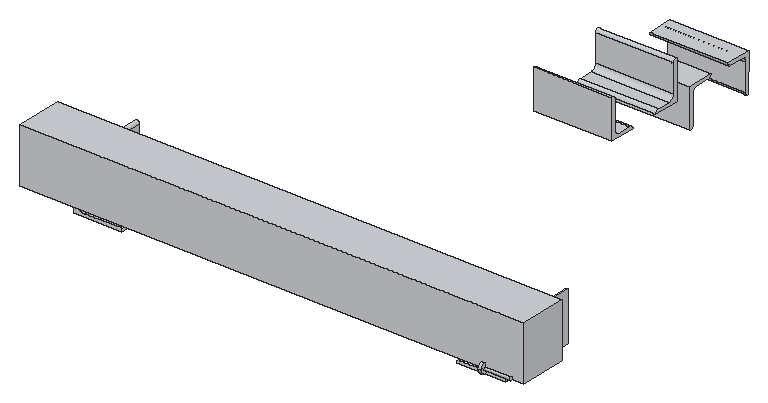
Revit family "AVLN_Набор перемычек", category Обобщенные модели, Revit 2021
Family settings
  Основа = Стена
  Может служить основой для арматурных стержней = Нет
  Размер круглого соединителя = Использовать диаметр
  Тип детали = Нормальный
  Всегда вертикально = Да
  При загрузке вырезать с полостями = Нет
  Общий = Да
  Точка принадлежности помещению = Нет
Parameters (values of type "!_Для копирования")
  Элемент 9(3) = Перемычки - Пластина (ГОСТ 103-76) : 80х6, L=250
  Элемент 8(2)_Материал = none
  Элемент 8(2) = Перемычки - Уголок (ГОСТ 8509-93)(Поворот.Зеркальный) : 125х8, L=200(Пов. 180)
  Элемент 9(3)_Материал = none
  Элемент 6(1)_Материал = none
  Элемент 6(1) = Перемычки - Уголок (ГОСТ 8509-93) : 125х8, L=200
  Элемент 5(1)_Материал = none
  Элемент 5(1) = Перемычки - Арматура (ГОСТ 34028-2016) : АIII ∅16, L=1110
  Элемент 4(1)_Материал = none
  Элемент 4(1) = Перемычки ЖБ : 4ПБ48-8-П *4380
  Элемент 3(1)_Материал = none
  Элемент 3(1) = Перемычки ЖБ : 2ПБ10-1-П *830
  Элемент 2(1)_Материал = none
  Элемент 2(1) = Перемычки ЖБ : 2ПБ13-1-П *1090
  Элемент 1(1)_Материал = none
  Элемент 1(1) = Перемычки ЖБ : 2ПБ13-1-П *1090
  Ширина проема Элементы8(2)_9(3) = 1090 mm
  Элементы соединительные(3) = no
  Элементы горизонтальные(1) = yes
  Шаг анкера = 150 mm
  Стена_толщина = 300 mm
  Полка_правая = 0 mm
  Полка_левая = 0 mm
  Отступ анкера = 50 mm
  Отметка по умолчанию = 0 mm
  Область маскировки = yes
  Type Comments = ""
  Количество анкеров на уголок = 2
  Горизонтальное смещение Элемент1-6(1) = (Полка_правая - Полка_левая) / 2  # 0 mm
  Расчетное расстояние от произвольной плоскости = Расстояние от вспомогательной плоскости + [Горизонтальное смещение Элемент1-6(1)]  # 2500 mm
  Расстояние от вспомогательной плоскости = 2500 mm  # constant formula
  Соединительные Привязка_Элемент 9(3) = ([Ширина проема Элементы8(2)_9(3)] - ([Количество соединительные Элементы 9(3)] - 1) * [Шаг соединительные Элементы 9(3)]) / 2  # 295 mm
  Количество соединительные Элементы 9(3) = 2
  Шаг соединительные Элементы 9(3) = 500 mm
  Высота Элемент 8(2) = -2.6 mm
  Элементы крепления(2) = yes
  Отступ Элемент 8(2) = 105 mm
  Высота Элемент 9(3) = 0 mm
  Высота Элемент 6(1) = 0 mm
  Элемент 6(1)_Видимость = if(and([Элементы горизонтальные(1)]), Количество горизонтальных элементов > 5, Видимость_not)  # no
  Высота Элемент 5(1) = 0 mm
  Элемент 5(1)_Видимость = if(and([Элементы горизонтальные(1)]), Количество горизонтальных элементов > 4, Видимость_not)  # no
  Высота Элемент 4(1) = 0 mm
  Элемент 4(1)_Видимость = if(and([Элементы горизонтальные(1)]), Количество горизонтальных элементов > 3, Видимость_not)  # no
  Высота Элемент 3(1) = 0 mm
  Элемент 3(1)_Видимость = if(and([Элементы горизонтальные(1)]), Количество горизонтальных элементов > 2, Видимость_not)  # no
  Высота Элемент 2(1) = 0 mm
  Элемент 2(1)_Видимость = if(and([Элементы горизонтальные(1)]), Количество горизонтальных элементов > 1, Видимость_not)  # no
  Высота Элемент 1(1) = 50 mm
  Отступ от 5 до 6 = 140 mm
  Отступ от 4 до 5 = 130 mm
  Отступ от 3 до 4 = 146.078 mm
  Отступ от 2 до 3 = 165 mm
  Отступ от 1 до 2 = 125 mm
  Отступ до Элемент 1 = 50 mm
  Область видимости_По высоте вниз [instance] = 1200 mm
  Крепление_Справа_Видимость = if(and([Элементы крепления(2)], [Крепление_Справа(2)]), [Видимость Элемент 8(2)], Видимость_not)  # yes
  Крепление_Справа(2) = yes
  Крепление_Слева_Видимость = if(and([Элементы крепления(2)], [Крепление_Слева(2)]), [Видимость Элемент 8(2)], Видимость_not)  # yes
  Крепление_Слева(2) = yes
  Количество горизонтальных элементов = 1
  Группа модели = "Перемычки"  # constant formula
  Высота Анкер = 50 mm
  Видимость Элемент 8(2) = Видимость_Определение = 1 mm  # yes
  Видимость_Определение = 1 mm  # constant formula
  Видимость_not = Видимость_Определение = 2 mm  # no
  Анкер_справа_2_видимость = and(Анкер справа, Количество анкеров на уголок > 1)  # yes
  Анкер_справа_1_видимость = and(Анкер справа, Количество анкеров на уголок > 0)  # yes
  Анкер_слева_2_видимость = and(Анкер слева, Количество анкеров на уголок > 1)  # no
  Анкер_слева_1_видимость = and(Анкер слева, Количество анкеров на уголок > 0)  # no
  Анкер_слева_3_видимость = and(Анкер слева, Количество анкеров на уголок > 2)  # no
  Анкер_справа_3_Видимость = and(Анкер справа, Количество анкеров на уголок > 2)  # no
  Анкер справа = yes
  Анкер слева = no
Reference planes
  plane 1 "Стена": y = 0
  plane 2 "По центру (Влево/Вправо)": x = 125
  plane 3 "Назад": y = 150
  plane 4: z = 0
  plane 5: y = -150
  plane 6: y = -100
  plane 7: y = 25
  plane 8: y = 190
  plane 9: y = 336.078
  plane 10: y = 466.078
  plane 11: y = 606.078
  plane 12: x = 670
  plane 13: x = -420
  plane 14: y = 360
  plane 15: x = -2375
  plane 16 "Анкер1": y = -100
  plane 17 "Анкер2": y = 50
  plane 18: x = 670
  plane 19: x = -420
  plane 20 "нкер3": y = 200
Lines and regions (mm)
  model lines, style "InvisibleLines"
    curve 1: line (125, 0, 0) -> (125, 0, -1200)
Text (mm)
  text "Сторона размещения" at (-2895.44, 3293.409, 0), in view "Опорный уровень"
  text "Сторона размещения" at (0, 1409.804, 2854.306), in view "Слева"
  text "Сторона размещения" at (0, 499.811, 2980.732), in view "Справа"
Dimensions and locks
  plane 3 "Назад" to plane 3 "Назад" = 0 mm
  "Отступ до Элемент 1": plane 6 to plane 5
  "Отступ от 1 до 2": plane 7 to plane 6
  "Отступ от 2 до 3": plane 8 to plane 7
  "Отступ от 3 до 4": plane 9 to plane 8
  "Отступ от 4 до 5": plane 10 to plane 9
  equal spacing: plane 13, plane 2 "По центру (Влево/Вправо)", plane 12
  "Ширина проема Элементы8(2)_9(3)": plane 13 to plane 12
  plane 13 to plane 12 = 1090 mm
  "Отступ Элемент 8(2)": nested 9 to plane 5
  "Отступ Элемент 8(2)": nested 8 to plane 5
  "Расстояние от вспомогательной плоскости": plane 15 to plane 2 "По центру (Влево/Вправо)"
  "Расчетное расстояние от произвольной плоскости": plane 15 to nested 2
  "Расчетное расстояние от произвольной плоскости": plane 15 to nested 3
  "Расчетное расстояние от произвольной плоскости": plane 15 to nested 4
  "Расчетное расстояние от произвольной плоскости": plane 15 to nested 7
  "Расчетное расстояние от произвольной плоскости": plane 15 to nested 5
  "Расчетное расстояние от произвольной плоскости": plane 15 to nested 6
  "Область видимости_По высоте вниз": level to curve 1
  "Область видимости_По высоте вниз": curve 1 to level
  "Соединительные Привязка_Элемент 9(3)": plane 13 to nested 10
  group 1 to group 2 = 500 mm
  group 2 to group 1 = 0 mm
  group 1 to group 2 = 0 mm
  "Шаг соединительные Элементы 9(3)": nested 10 to nested 11
  plane 5 to nested 1 to plane 3 "Назад" = 150 mm, 150 mm
  plane 6 to plane 5 = 50 mm
  "Отступ анкера": plane 16 "Анкер1" to plane 5
  "Шаг анкера": plane 17 "Анкер2" to plane 16 "Анкер1"
  "Отступ от 5 до 6": plane 10 to plane 11
  plane 2 "По центру (Влево/Вправо)" to nested 2 = 0 mm
  "Полка_правая": plane 18 to plane 12
  "Полка_левая": plane 19 to plane 13
  "Шаг анкера": plane 17 "Анкер2" to plane 20 "нкер3"
  aligned and locked: plane 1 "Стена" to host wall
  aligned and locked: level to plane 4
  aligned and locked: host wall to plane 5
  aligned and locked: curve 1 to host wall
  aligned and locked: plane 6 to nested 2
  aligned and locked: nested 3 to plane 7
  aligned and locked: nested 4 to plane 8
  aligned and locked: nested 5 to plane 10
  aligned and locked: nested 6 to plane 11
  aligned and locked: nested 7 to plane 9
  aligned and locked: plane 2 "По центру (Влево/Вправо)" to nested 1
  aligned and locked: nested 11 to plane 6
  aligned and locked: nested 10 to plane 6
  aligned and locked: plane 17 "Анкер2" to nested 12
  aligned and locked: plane 16 "Анкер1" to nested 14
  aligned and locked: nested 13 to plane 17 "Анкер2"
  aligned and locked: nested 15 to plane 16 "Анкер1"
  aligned and locked: nested 1 to host wall
  aligned and locked: plane 18 to nested 8
  aligned and locked: plane 18 to nested 12
  aligned and locked: plane 18 to nested 14
  aligned and locked: plane 19 to nested 9
  aligned and locked: nested 13 to plane 19
  aligned and locked: nested 15 to plane 19
  aligned and locked: nested 16 to plane 20 "нкер3"
  aligned and locked: nested 17 to plane 19
  aligned and locked: plane 18 to nested 16
  aligned and locked: plane 20 "нкер3" to nested 17
Automatic sketch dimensions
  plane 2 "По центру (Влево/Вправо)" to curve 1 = 0 mm
  curve 1 to level = 0 mm
Nested families
  nested 1: "Прозрачный прямоугольник - Элементы узлов" at (125, -150, 0), b <- "Ширина проема Элементы8(2)_9(3)", visible <- "Область маскировки", Полка_левая <- "Полка_левая", Полка_правая <- "Полка_правая", a <- "Стена_толщина", ADSK_Обозначение <- "Type Comments", type "Прозрачный прямоугольник - Элементы узлов"
    with Полка_правая 0 mm, Полка_левая 0 mm, b 1090 mm, a 300 mm
  nested 2: "Перемычки ЖБ" at (125, 20, 50), type <- "Элемент 1(1)", built-in parameter 1001364 <- "Высота Элемент 1(1)", Structural Material <- "Элемент 1(1)_Материал", visible <- "Элементы горизонтальные(1)", ADSK_Обозначение <- "Type Comments", type "2ПБ13-1-П *1090"
  nested 3: "Перемычки ЖБ" at (125, 145, 0), type <- "Элемент 2(1)", built-in parameter 1001364 <- "Высота Элемент 2(1)", visible <- "Элемент 2(1)_Видимость", Structural Material <- "Элемент 2(1)_Материал", ADSK_Обозначение <- "Type Comments", type "2ПБ13-1-П *1090"
  nested 4: "Перемычки ЖБ" at (125, 310, 0), type <- "Элемент 3(1)", built-in parameter 1001364 <- "Высота Элемент 3(1)", visible <- "Элемент 3(1)_Видимость", Structural Material <- "Элемент 3(1)_Материал", ADSK_Обозначение <- "Type Comments", type "2ПБ10-1-П *830"
  nested 5: "Перемычки - Арматура (ГОСТ 34028-2016)" at (125, 474.078, 0), built-in parameter 1001364 <- "Высота Элемент 5(1)", visible <- "Элемент 5(1)_Видимость", type <- "Элемент 5(1)", Structural Material <- "Элемент 5(1)_Материал", ADSK_Обозначение <- "Type Comments", type "АIII ∅16, L=1110"
    with Область маскировки yes, q 13.6 mm, k 17.109 mm, ADSK_Обозначение ""
  nested 6: "Перемычки - Уголок (ГОСТ 8509-93)" at (125, 613.878, 0), type <- "Элемент 6(1)", built-in parameter 1001364 <- "Высота Элемент 6(1)", visible <- "Элемент 6(1)_Видимость", Structural Material <- "Элемент 6(1)_Материал", ADSK_Обозначение <- "Type Comments", type "125х8, L=200"
  nested 7: "Перемычки ЖБ" at (125, 456.078, 0), type <- "Элемент 4(1)", built-in parameter 1001364 <- "Высота Элемент 4(1)", visible <- "Элемент 4(1)_Видимость", Structural Material <- "Элемент 4(1)_Материал", ADSK_Обозначение <- "Type Comments", type "4ПБ48-8-П *4380"
  nested 8: "Перемычки - Уголок (ГОСТ 8509-93)(Поворот.Зеркальный)" at (664.6, 55, -2.6) x (0, 1, 0) z (0, 0, 1), type <- "Элемент 8(2)", built-in parameter 1001364 <- "Высота Элемент 8(2)", visible <- "Крепление_Справа_Видимость", Structural Material <- "Элемент 8(2)_Материал", ADSK_Обозначение <- "Type Comments", type "125х8, L=200(Пов. 180)"
  nested 9: "Перемычки - Уголок (ГОСТ 8509-93)(Поворот.Зеркальный)" at (-414.6, 55, -2.6) x (0, 1, 0) z (0, 0, 1), type <- "Элемент 8(2)", built-in parameter 1001364 <- "Высота Элемент 8(2)", visible <- "Крепление_Слева_Видимость", Structural Material <- "Элемент 8(2)_Материал", ADSK_Обозначение <- "Type Comments", type "125х8, L=200(Пов. 180)"
  nested 10: "Перемычки - Пластина (ГОСТ 103-76)" at (-125, 25, 0) x (0, 1, 0) z (0, 0, 1), type <- "Элемент 9(3)", built-in parameter 1001364 <- "Высота Элемент 9(3)", visible <- "Элементы соединительные(3)", Structural Material <- "Элемент 9(3)_Материал", ADSK_Обозначение <- "Type Comments", type "80х6, L=250"
  nested 11: "Перемычки - Пластина (ГОСТ 103-76)" at (375, 25, 0) x (0, 1, 0) z (0, 0, 1), type <- "Элемент 9(3)", built-in parameter 1001364 <- "Высота Элемент 9(3)", visible <- "Элементы соединительные(3)", Structural Material <- "Элемент 9(3)_Материал", ADSK_Обозначение <- "Type Comments", type "80х6, L=250"
  nested 12: "Перемычки - Анкер" at (662, 55.4, 50), visible <- "Анкер_справа_2_видимость", built-in parameter 1001364 <- "Высота Анкер", ADSK_Обозначение <- "Type Comments", type "Анкер-шпилька HSAхМ8х75"
  nested 13: "Перемычки - Анкер" at (-412, 44.6, 50) x (-1, 0, 0) z (0, 0, 1), visible <- "Анкер_слева_2_видимость", built-in parameter 1001364 <- "Высота Анкер", ADSK_Обозначение <- "Type Comments", type "Анкер-шпилька HSAхМ8х75"
  nested 14: "Перемычки - Анкер" at (662, -94.6, 50), visible <- "Анкер_справа_1_видимость", built-in parameter 1001364 <- "Высота Анкер", ADSK_Обозначение <- "Type Comments", type "Анкер-шпилька HSAхМ8х75"
  nested 15: "Перемычки - Анкер" at (-412, -105.4, 50) x (-1, 0, 0) z (0, 0, 1), visible <- "Анкер_слева_1_видимость", built-in parameter 1001364 <- "Высота Анкер", ADSK_Обозначение <- "Type Comments", type "Анкер-шпилька HSAхМ8х75"
  nested 16: "Перемычки - Анкер" at (662, 205.4, 50), visible <- "Анкер_справа_3_Видимость", built-in parameter 1001364 <- "Высота Анкер", ADSK_Обозначение <- "Type Comments", type "Анкер-шпилька HSAхМ8х75"
  nested 17: "Перемычки - Анкер" at (-412, 194.6, 50) x (-1, 0, 0) z (0, 0, 1), visible <- "Анкер_слева_3_видимость", built-in parameter 1001364 <- "Высота Анкер", ADSK_Обозначение <- "Type Comments", type "Анкер-шпилька HSAхМ8х75"
  nested 18: "Перемычки - Уголок (ГОСТ 8510-86)" at (125, 878.878, 0), type "100х65х8, L=200"
    with ADSK_Обозначение ""
  nested 19: "Перемычки - Уголок (ГОСТ 8510-86)(Зеркальный)" at (125, 1067.8, 0), type "100х65х8, L=200(Зеркальный)"
    with ADSK_Обозначение ""
  nested 20: "Перемычки - Уголок (ГОСТ 8510-86)(Поворот)" at (125, 1127.8, 0), type "100х65х8, L=200(Поворот)"
    with ADSK_Обозначение ""
  nested 21: "Перемычки - Уголок (ГОСТ 8510-86)(Зеркальный)(Поворот)" at (125, 1298.118, 0), type "100х65х8, L=200(Зеркальный)(Поворот)"
    with ADSK_Обозначение ""
Definition of nested family "Перемычки ЖБ"
  Parameters (values of type "4ПБ48-8-П *4380")
    Ширина = 120 mm
    Description = "Ж/Б перемычки"  # constant formula
    Обозначение = "Серия 1.038.1-1 вып.1"
    Наименование = "1ПБ10-1-П"
    Масса = 418.00 kg
    Длина = 4800 mm
    Model = "Элементы перемычек"  # constant formula
    Высота = 290 mm
    ADSK_Обозначение [instance] = ""
  Types (4, lengths in mm): name | Наименование | Масса | Длина | Высота
    4ПБ48-8-П *4380 | "1ПБ10-1-П" | 418.00 kg | 4800 | 290
    3ПБ27-8-П *2380 | "1ПБ10-1-П" | 180.00 kg | 2720 | 220
    2ПБ13-1-П *1090 | "2ПБ13-1-П" | 54.00 kg | 1290 | 140
    2ПБ10-1-П *830 | "1ПБ10-1-П" | 43.00 kg | 1030 | 140
  Reference planes
    plane 1 "По центру (Вперед/Назад)": y = 0
    plane 2: z = 0
    plane 3 "По центру (Влево/Вправо)": x = 0
    plane 4: x = -2400
    plane 5: x = 2400
    plane 6: y = -120
    plane 7: z = 290
  Forms (mm)
    Extrusion 1, solid
      sketch origin (0, 0, 0) x (1, 0, 0) y (0, 1, 0)
        loop
          line (-2400, 0) -> (-2400, -120) -> (2400, -120) -> (2400, 0) -> (-2400, 0)
      from 0 to 290
    Extrusion 2, void
      sketch origin (0, 0, 0) x (1, 0, 0) y (0, 1, 0)
        loop
          line (-2400, 0) -> (-2400, -120) -> (2400, -120) -> (2400, 0) -> (-2400, 0)
      from 0 to 290
  Dimensions and locks
    equal spacing: plane 4, plane 3 "По центру (Влево/Вправо)", plane 5
    "Длина": plane 4 to plane 5
    "Ширина": plane 6 to plane 1 "По центру (Вперед/Назад)"
    "Высота": plane 7 to level
    aligned and locked: plane 2 to level
    aligned and locked: Extrusion 1 to plane 7
    aligned and locked: plane 4 to Extrusion 2 sketch curve
    aligned and locked: Extrusion 2 sketch curve to Extrusion 1
    aligned and locked: Extrusion 2 sketch curve to plane 6
    aligned and locked: Extrusion 2 sketch curve to plane 1 "По центру (Вперед/Назад)"
    aligned and locked: Extrusion 2 to plane 7
    aligned and locked: plane 1 "По центру (Вперед/Назад)" to nested 1
    aligned and locked: nested 1 to plane 6
    aligned and locked: plane 7 to nested 1
  Automatic sketch dimensions
    Extrusion 1 sketch curve to plane 4 = 0 mm
    Extrusion 1 sketch curve to plane 5 = 0 mm
    Extrusion 1 sketch curve to plane 6 = 0 mm
    plane 1 "По центру (Вперед/Назад)" to Extrusion 1 sketch curve = 0 mm
  Nested families
    nested 1: "Белый прямоугольник - Элементы узлов" at (0, -60, 290) x (0, -1, 0) z (1, 0, 0), type "Утолщенные линиии"
      with b 120 mm, a 290 mm, Утолщенные линиии yes, Невидимые линии no
  Definition of nested family "Белый прямоугольник - Элементы узлов"
    Parameters
      Утолщенные линиии = no
      Тонкие линии = no
      Невидимые линии = yes
      b [instance] = 370 mm
      a [instance] = 350 mm
    Reference planes
      plane 1 "По центру (Вперед/Назад)": y = 0
      plane 2: z = 0
      plane 3 "По центру (Влево/Вправо)": x = 0
      plane 4: x = -185
      plane 5: x = 185
      plane 6: y = 350
    Lines and regions (mm)
      Filled region 1, type "Сплошная заливка - Белый", in view "Опорный уровень", visible <- "Утолщенные линиии"
        outline origin (0, 0, 0) x (1, 0, 0) y (0, 1, 0)
          loop
            line (-185, 350) -> (-185, 0) -> (185, 0) -> (185, 350) -> (-185, 350)
      Filled region 2, type "Сплошная заливка - Белый", in view "Опорный уровень", visible <- "Тонкие линии"
        outline origin (65, -60, 0) x (1, 0, 0) y (0, 1, 0)
          loop
            line (-250, 410) -> (-250, 60) -> (120, 60) -> (120, 410) -> (-250, 410)
      Filled region 3, type "Сплошная заливка - Белый", in view "Опорный уровень", visible <- "Невидимые линии"
        outline origin (251.408, -282.153, 0) x (1, 0, 0) y (0, 1, 0)
          loop
            line (-436.408, 632.153) -> (-436.408, 282.153) -> (-66.408, 282.153) -> (-66.408, 632.153) -> (-436.408, 632.153)
    Dimensions and locks
      equal spacing: plane 4, plane 3 "По центру (Влево/Вправо)", plane 5
      "a": plane 1 "По центру (Вперед/Назад)" to plane 6
      "b": plane 4 to plane 5
      aligned and locked: Filled region 2 to plane 4
      aligned and locked: plane 5 to Filled region 2
      aligned and locked: plane 1 "По центру (Вперед/Назад)" to Filled region 2
      aligned and locked: plane 6 to Filled region 2
      aligned and locked: plane 6 to Filled region 3
      aligned and locked: plane 1 "По центру (Вперед/Назад)" to Filled region 3
      aligned and locked: Filled region 3 to plane 4
      aligned and locked: plane 5 to Filled region 3
    Automatic sketch dimensions
      plane 1 "По центру (Вперед/Назад)" to Filled region 1 sketch curve = 0 mm
      Filled region 1 sketch curve to plane 4 = 0 mm
      Filled region 1 sketch curve to plane 5 = 0 mm
      Filled region 1 sketch curve to plane 6 = 0 mm
      plane 1 "По центру (Вперед/Назад)" to Filled region 2 sketch curve = 0 mm
      Filled region 2 sketch curve to plane 4 = 0 mm
      Filled region 2 sketch curve to plane 5 = 0 mm
      Filled region 2 sketch curve to plane 6 = 0 mm
      Filled region 3 sketch curve to plane 3 "По центру (Влево/Вправо)" = 185 mm
      plane 5 to Filled region 3 sketch curve = 0 mm
      plane 1 "По центру (Вперед/Назад)" to Filled region 3 sketch curve = 0 mm
      Filled region 3 sketch curve to plane 1 "По центру (Вперед/Назад)" = 350 mm
Definition of nested family "Перемычки - Арматура (ГОСТ 34028-2016)"
  Parameters (values of type "АIII ∅16, L=1110")
    Description = "Арматура"  # constant formula
    Обозначение = "34028-2016"  # constant formula
    Область маскировки [instance] = yes
    Наименование = "АIII ∅16, L=1500"
    Масса = d_Диаметр * d_Диаметр * 3.14 / 4 * Длина * 7850.0000 kg/m³  # 1.75106 kg
    Длина = 1110 mm
    Model = "Элементы перемычек"  # constant formula
    r = d_Диаметр / 2  # 8 mm
    q [instance] = r * 1.7  # 13.6 mm
    k [instance] = 17.109 mm
    d_Диаметр = 16 mm
    ADSK_Обозначение [instance] = ""
  Reference planes
    plane 1 "По центру (Вперед/Назад)": y = 0
    plane 2: z = 0
    plane 3 "По центру (Влево/Вправо)": x = 0
    plane 4: x = -555
    plane 5: x = 555
    plane 6: z = 8
    plane 7: y = 8
    plane 8: z = 16
    plane 9: y = -8
    plane 10: z = 21.6
    plane 11: y = 17.109
    plane 12: y = -13.6
  Forms (mm)
    Extrusion 1, solid
      sketch origin (0, 0, 0) x (0, 1, 0) y (0, 0, 1)
        loop
          circle (0, 8) r 8
      from -555 to 555
  Lines and regions (mm)
    Masking region 1, visible <- "Область маскировки"
      outline origin (0, 0, 0) x (0, 1, 0) y (0, 0, 1)
        loop
          line (17.109, 21.6) -> (-8, 21.6) -> (-17.718, 0) -> (-0.597, 0) -> (-1.534, 0.149)
          arc (-1.534, 0.149) -> (-0.09, 15.999) -> (1.712, 0.185) r 8
          line (1.712, 0.185) -> (0.866, 0) -> (17.109, 0) -> (17.109, 21.6)
  Dimensions and locks
    equal spacing: plane 4, plane 3 "По центру (Влево/Вправо)", plane 5
    "Длина": plane 4 to plane 5
    "r": plane 6 to level
    "r": plane 7 to plane 1 "По центру (Вперед/Назад)"
    "r": plane 8 to plane 6
    "r": plane 9 to plane 1 "По центру (Вперед/Назад)"
    "k": plane 11 to plane 1 "По центру (Вперед/Назад)"
    "q": plane 10 to plane 6
    "q": plane 1 "По центру (Вперед/Назад)" to plane 12
    "r": radius of Extrusion 1 sketch curve
    "r": radius of Masking region 1 sketch curve
    aligned and locked: plane 2 to level
    aligned and locked: Extrusion 1 to plane 4
    aligned and locked: plane 5 to Extrusion 1
  Automatic sketch dimensions
    Extrusion 1 sketch curve to plane 1 "По центру (Вперед/Назад)" = 0 mm
    Extrusion 1 sketch curve to plane 6 = 0 mm
    Masking region 1 sketch curve to level = 0 mm  (x3)
    Masking region 1 sketch curve to plane 9 = 0 mm
    Masking region 1 sketch curve to plane 1 "По центру (Вперед/Назад)" = 0 mm
    Masking region 1 sketch curve to plane 11 = 0 mm
    Masking region 1 sketch curve to plane 6 = 0 mm
    Masking region 1 sketch curve to plane 10 = 0 mm
    plane 12 to Masking region 1 sketch curve = 4.118 mm
    level to Masking region 1 sketch curve = 0.149 mm
    level to Masking region 1 sketch curve = 0.185 mm
    plane 1 "По центру (Вперед/Назад)" to Masking region 1 sketch curve = 0.597 mm
    Masking region 1 sketch curve to plane 1 "По центру (Вперед/Назад)" = 0.866 mm
Definition of nested family "Перемычки - Уголок (ГОСТ 8509-93)"
  Parameters (values of type "125х8, L=200")
    Сталь по настоящему стандарту = "С245 ГОСТ 27772-88"
    Description = "Уголки"  # constant formula
    Обозначение стандарта на сортамент = "ГОСТ 8509-93"  # constant formula
    Обозначение = "ГОСТ 8509-93"
    Наименование = ""
    Масса = size_lookup(Lookup, "Масса", 0.00 kg, b_Ширина, t_Толщина) / 1000 mm * L_Длина  # 3.092 kg
    Model = "Элементы перемычек"  # constant formula
    t_Толщина = 8 mm
    b_Ширина = 125 mm
    Lookup = "ГОСТ 8509-93. Уголки стальные горячекатаные равнополочные"  # constant formula
    L_Длина = 200 mm
    ADSK_Обозначение [instance] = ""
  Reference planes
    plane 1: z = 0
    plane 2 "По центру (Влево/Вправо)": x = 0
    plane 3: x = -100
    plane 4: x = 100
    plane 5: y = -7.8
  Forms (mm)
    Sweep 1, solid
      path origin (0, -7.8, -7.8) x (1, 0, 0) y (0, 1, 0)
        loop
          line (-100, 0) -> (100, 0)
      profile "Уголок (ГОСТ 8509-93)-Профиль-Высокий : Уголок (ГОСТ 8509-93)-Профиль-Высокий" origin (0, -7.8, -7.8) x (0, 1, 0) y (0, 0, 1)
        loop
          line (-8, 124.8) -> (-8, -0.2) -> (117, -0.2)
          arc (117, -0.2) -> (114.657, 5.457) -> (109, 7.8) r 8
          line (109, 7.8) -> (20.833, 7.8)
          arc (20.833, 7.8) -> (6.102, 13.902) -> (0, 28.633) r 20.833
          line (0, 28.633) -> (0, 116.8)
          arc (0, 116.8) -> (-2.343, 122.457) -> (-8, 124.8) r 8
  Dimensions and locks
    equal spacing: plane 3, plane 2 "По центру (Влево/Вправо)", plane 4
    "L_Длина": plane 3 to plane 4
    aligned and locked: plane 1 to level
    aligned and locked: Sweep 1 to plane 5
    aligned and locked: level to Sweep 1
  Automatic sketch dimensions
    Sweep 1 sketch curve to plane 3 = 0 mm
    Sweep 1 sketch curve to plane 4 = 0 mm
    Sweep 1 sketch curve to plane 5 = 0 mm
Definition of nested family "Перемычки - Уголок (ГОСТ 8509-93)(Поворот.Зеркальный)"
  Parameters (values of type "125х8, L=200(Пов. 180)")
    Сталь по настоящему стандарту = "С245 ГОСТ 27772-88"
    Description = "Уголки"  # constant formula
    Обозначение стандарта на сортамент = "ГОСТ 8509-93"  # constant formula
    Обозначение = "ГОСТ 8509-93"
    Наименование = "50x50x8 ГОСТ 8509-93"
    Масса = size_lookup(Lookup, "Масса", 0.00 kg, b_Ширина, t_Толщина) / 1000 mm * L_Длина  # 3.092 kg
    Model = "Элементы перемычек"  # constant formula
    t_Толщина = 8 mm
    b_Ширина = 125 mm
    Lookup = "ГОСТ 8509-93. Уголки стальные горячекатаные равнополочные"  # constant formula
    L_Длина = 200 mm
    ADSK_Обозначение [instance] = ""
  Reference planes
    plane 1: z = 0
    plane 2 "По центру (Влево/Вправо)": x = 0
    plane 3: x = -100
    plane 4: x = 100
    plane 5: y = -5.4
  Forms (mm)
    Sweep 1, solid
      path origin (0, -13.2, 83) x (-1, 0, 0) y (0, 0, 1)
        loop
          line (-100, -75) -> (100, -75)
      profile "Уголок (ГОСТ 8509-93)-Профиль-Высокий : Уголок (ГОСТ 8509-93)-Профиль-Высокий" origin (0, -13.2, 8) x (0, 0, 1) y (0, 1, 0)
        loop
          line (-8, 124.8) -> (-8, -0.2) -> (117, -0.2)
          arc (117, -0.2) -> (114.657, 5.457) -> (109, 7.8) r 8
          line (109, 7.8) -> (20.833, 7.8)
          arc (20.833, 7.8) -> (6.102, 13.902) -> (0, 28.633) r 20.833
          line (0, 28.633) -> (0, 116.8)
          arc (0, 116.8) -> (-2.343, 122.457) -> (-8, 124.8) r 8
  Dimensions and locks
    equal spacing: plane 3, plane 2 "По центру (Влево/Вправо)", plane 4
    "L_Длина": plane 3 to plane 4
    aligned and locked: plane 1 to level
    aligned and locked: Sweep 1 to plane 5  (x3)
    aligned and locked: Sweep 1 to level
    aligned and locked: Sweep 1 to plane 3
    aligned and locked: Sweep 1 to plane 4
  Automatic sketch dimensions
    Sweep 1 sketch curve to plane 4 = 0 mm
    Sweep 1 sketch curve to plane 3 = 0 mm
    level to Sweep 1 sketch curve = 8 mm
Definition of nested family "Перемычки - Пластина (ГОСТ 103-76)"
  Parameters (values of type "80х6, L=250")
    Сталь по настоящему стандарту = "С245 ГОСТ 27772-88"
    Description = "Пластины"  # constant formula
    Обозначение стандарта на сортамент = "ГОСТ 103-76"  # constant formula
    Обозначение = "ГОСТ 103-76"  # constant formula
    Наименование = "250х80х6 ГОСТ 103-76"
    Масса = t_Толщина * b_Ширина * L_Длина * 7850.0000 kg/m³  # 0.942 kg
    Model = "Элементы перемычек"  # constant formula
    t_Толщина = 6 mm
    b_Ширина = 80 mm
    L_Длина = 250 mm
    ADSK_Обозначение [instance] = ""
  Reference planes
    plane 1 "По центру (Вперед/Назад)": y = 0
    plane 2: z = 0
    plane 3 "По центру (Влево/Вправо)": x = 0
    plane 4: x = -125
    plane 5: x = 125
    plane 6: y = -40
    plane 7: z = -6
    plane 8: y = 40
  Forms (mm)
    Extrusion 1, solid
      sketch origin (0, 0, 0) x (1, 0, 0) y (0, 1, 0)
        loop
          line (-125, 40) -> (-125, -40) -> (125, -40) -> (125, 40) -> (-125, 40)
      from 0 to -6
  Dimensions and locks
    equal spacing: plane 4, plane 3 "По центру (Влево/Вправо)", plane 5
    "L_Длина": plane 4 to plane 5
    "t_Толщина": level to plane 7
    equal spacing: plane 8, plane 1 "По центру (Вперед/Назад)", plane 6
    "b_Ширина": plane 8 to plane 6
    aligned and locked: plane 2 to level
    aligned and locked: plane 4 to Extrusion 1 sketch curve
    aligned and locked: plane 6 to Extrusion 1 sketch curve
    aligned and locked: Extrusion 1 sketch curve to plane 5
    aligned and locked: Extrusion 1 to plane 7
    aligned and locked: Extrusion 1 sketch curve to plane 8
Definition of nested family "Перемычки - Анкер"
  Parameters (values of type "Анкер-шпилька HSAхМ8х75")
    Сталь по настоящему стандарту = ""
    Description = "Анкера"  # constant formula
    Обозначение стандарта на сортамент = ""
    Обозначение = ""
    Наименование = "Анкер-шпилька HSAхМ8х75"
    Масса = 0.00 kg
    Model = "Элементы перемычек"  # constant formula
    t_Толщина = 8 mm
    b_Ширина = 12 mm
    Lookup = ""
    L_Длина = 75 mm
    ADSK_Обозначение [instance] = ""
  Reference planes
    plane 1: z = 0
    plane 2 "По центру (Влево/Вправо)": x = 0
    plane 3: x = 75
    plane 4: y = -5.4
    plane 5: x = 8
  Forms (mm)
    Sweep 1, solid
      path origin (0, -5.4, -1.174) x (1, 0, 0) y (0, 0, 1)
        loop
          line (75, 1.174) -> (0, 1.174)
      profile origin (37.5, -5.4, 0) x (0, 0, -1) y (0, -1, 0)
        loop
          circle (0, 0) r 4
    Extrusion 2, solid
      sketch origin (0, -5.4, 0) x (0, -1, 0) y (0, 0, 1)
        loop
          circle (0, 0) r 4
        loop
          circle (0, 0) r 12
      from -8 to 0
  Dimensions and locks
    plane 2 "По центру (Влево/Вправо)" to plane 3 = 75 mm
    "L_Длина": plane 2 "По центру (Влево/Вправо)" to plane 3
    plane 2 "По центру (Влево/Вправо)" to plane 5 = 8 mm
    "t_Толщина": diameter of Sweep 1 sketch curve
    "t_Толщина": diameter of Extrusion 2 sketch curve
    "b_Ширина": radius of Extrusion 2 sketch curve
    aligned and locked: plane 1 to level
    aligned and locked: Sweep 1 sketch curve to plane 1
    aligned and locked: plane 2 "По центру (Влево/Вправо)" to Sweep 1 sketch curve
    aligned and locked: plane 3 to Sweep 1 sketch curve
    aligned and locked: plane 5 to Extrusion 2
    aligned and locked: Extrusion 2 to plane 2 "По центру (Влево/Вправо)"
  Automatic sketch dimensions
    Sweep 1 sketch curve to plane 4 = 0 mm
    Sweep 1 sketch curve to profile plane = 0 mm
    Extrusion 2 sketch curve to Extrusion 2 sketch curve = 0 mm  (x2)
Definition of nested family "Перемычки - Уголок (ГОСТ 8510-86)"
  Parameters (values of type "100х65х8, L=200")
    Сталь по настоящему стандарту = "С245 ГОСТ 27772-88"
    Description = "Уголки"  # constant formula
    Обозначение стандарта на сортамент = "ГОСТ 8510-86 "  # constant formula
    Обозначение = "ГОСТ 8510-86"
    Наименование = ""
    Масса = size_lookup("ГОСТ 8510-86.Уголки стальные горячекатанные неравнополочные", "Масса", 0.00 kg, B_Высота, b_Ширина, t_Толщина) / 1000 mm * L_Длина  # 1.998 kg
    Model = "Элементы перемычек"  # constant formula
    t_Толщина = 8 mm
    b_Ширина = 65 mm
    L_Длина = 200 mm
    B_Высота = 100 mm
    ADSK_Обозначение [instance] = ""
  Reference planes
    plane 1: z = 0
    plane 2 "По центру (Влево/Вправо)": x = 0
    plane 3: x = -100
    plane 4: x = 100
    plane 5: y = -7.8
  Forms (mm)
    Sweep 1, solid
      path origin (0, -7.8, -7.8) x (1, 0, 0) y (0, 1, 0)
        loop
          line (-100, 0) -> (100, 0)
      profile "Уголок(ГОСТ 8510-86)-Профиль-Высокий : Уголок(ГОСТ 8510-86)-Профиль-Высокий" origin (0, -7.8, -7.8) x (0, 1, 0) y (0, 0, 1)
        loop
          line (-8, 99.8) -> (-8, -0.2) -> (57, -0.2)
          arc (57, -0.2) -> (54.657, 5.457) -> (49, 7.8) r 8
          line (49, 7.8) -> (13.75, 7.8)
          arc (13.75, 7.8) -> (4.027, 11.827) -> (0, 21.55) r 13.75
          line (0, 21.55) -> (0, 91.8)
          arc (0, 91.8) -> (-2.343, 97.457) -> (-8, 99.8) r 8
  Dimensions and locks
    equal spacing: plane 3, plane 2 "По центру (Влево/Вправо)", plane 4
    "L_Длина": plane 3 to plane 4
    aligned and locked: plane 1 to level
    aligned and locked: Sweep 1 to plane 5
    aligned and locked: level to Sweep 1
  Automatic sketch dimensions
    Sweep 1 sketch curve to plane 3 = 0 mm
    Sweep 1 sketch curve to plane 4 = 0 mm
    Sweep 1 sketch curve to plane 5 = 0 mm
Definition of nested family "Перемычки - Уголок (ГОСТ 8510-86)(Зеркальный)"
  Parameters (values of type "100х65х8, L=200(Зеркальный)")
    Сталь по настоящему стандарту = "С245 ГОСТ 27772-88"
    Description = "Уголки"  # constant formula
    Обозначение стандарта на сортамент = "ГОСТ 8510-86 "  # constant formula
    Обозначение = "ГОСТ 8510-86"
    Наименование = ""
    Масса = size_lookup("ГОСТ 8510-86.Уголки стальные горячекатанные неравнополочные", "Масса", 0.00 kg, B_Высота, b_Ширина, t_Толщина) / 1000 mm * L_Длина  # 1.998 kg
    Model = "Элементы перемычек"  # constant formula
    t_Толщина = 8 mm
    b_Ширина = 65 mm
    L_Длина = 200 mm
    B_Высота = 100 mm
    ADSK_Обозначение [instance] = ""
  Reference planes
    plane 1: z = 0
    plane 2 "По центру (Влево/Вправо)": x = 0
    plane 3: x = -100
    plane 4: x = 100
    plane 5: y = -7.8
  Forms (mm)
    Sweep 1, solid
      path origin (0, -7.8, -7.8) x (1, 0, 0) y (0, 1, 0)
        loop
          line (-100, 0) -> (100, 0)
      profile "Уголок(ГОСТ 8510-86)-Профиль-Высокий : Уголок(ГОСТ 8510-86)-Профиль-Высокий" origin (0, -7.8, -7.8) x (0, 1, 0) y (0, 0, 1)
        loop
          arc (8, 99.8) -> (2.343, 97.457) -> (0, 91.8) r 8
          line (0, 91.8) -> (0, 21.55)
          arc (0, 21.55) -> (-4.027, 11.827) -> (-13.75, 7.8) r 13.75
          line (-13.75, 7.8) -> (-49, 7.8)
          arc (-49, 7.8) -> (-54.657, 5.457) -> (-57, -0.2) r 8
          line (-57, -0.2) -> (8, -0.2) -> (8, 99.8)
  Dimensions and locks
    equal spacing: plane 3, plane 2 "По центру (Влево/Вправо)", plane 4
    "L_Длина": plane 3 to plane 4
    aligned and locked: plane 1 to level
  Automatic sketch dimensions
    Sweep 1 sketch curve to plane 3 = 0 mm
    Sweep 1 sketch curve to plane 4 = 0 mm
    plane 5 to Sweep 1 sketch curve = 0 mm
Definition of nested family "Перемычки - Уголок (ГОСТ 8510-86)(Поворот)"
  Parameters (values of type "100х65х8, L=200(Поворот)")
    Сталь по настоящему стандарту = "С245 ГОСТ 27772-88"
    Description = "Уголки"  # constant formula
    Обозначение стандарта на сортамент = "ГОСТ 8510-86 "  # constant formula
    Обозначение = "ГОСТ 8510-86"
    Наименование = ""
    Масса = size_lookup("ГОСТ 8510-86.Уголки стальные горячекатанные неравнополочные", "Масса", 0.00 kg, B_Высота, b_Ширина, t_Толщина) / 1000 mm * L_Длина  # 1.998 kg
    Model = "Элементы перемычек"  # constant formula
    t_Толщина = 8 mm
    b_Ширина = 65 mm
    L_Длина = 200 mm
    B_Высота = 100 mm
    ADSK_Обозначение [instance] = ""
  Reference planes
    plane 1: z = 0
    plane 2 "По центру (Влево/Вправо)": x = 0
    plane 3: x = -100
    plane 4: x = 100
    plane 5: y = -7.8
  Forms (mm)
    Sweep 1, solid
      path origin (0, -7.8, -7.8) x (1, 0, 0) y (0, 1, 0)
        loop
          line (-100, 0) -> (100, 0)
      profile "Уголок(ГОСТ 8510-86)-Профиль-Высокий : Уголок(ГОСТ 8510-86)-Профиль-Высокий" origin (0, -7.8, -7.8) x (0, 1, 0) y (0, 0, 1)
        loop
          arc (-8, -84.2) -> (-2.343, -81.857) -> (0, -76.2) r 8
          line (0, -76.2) -> (0, -5.95)
          arc (0, -5.95) -> (4.027, 3.773) -> (13.75, 7.8) r 13.75
          line (13.75, 7.8) -> (49, 7.8)
          arc (49, 7.8) -> (54.657, 10.143) -> (57, 15.8) r 8
          line (57, 15.8) -> (-8, 15.8) -> (-8, -84.2)
  Dimensions and locks
    equal spacing: plane 3, plane 2 "По центру (Влево/Вправо)", plane 4
    "L_Длина": plane 3 to plane 4
    aligned and locked: plane 1 to level
    aligned and locked: Sweep 1 to plane 1
    aligned and locked: Sweep 1 to plane 5
  Automatic sketch dimensions
    Sweep 1 sketch curve to plane 3 = 0 mm
    Sweep 1 sketch curve to plane 4 = 0 mm
    plane 5 to Sweep 1 sketch curve = 0 mm
Definition of nested family "Перемычки - Уголок (ГОСТ 8510-86)(Зеркальный)(Поворот)"
  Parameters (values of type "100х65х8, L=200(Зеркальный)(Поворот)")
    Сталь по настоящему стандарту = "С245 ГОСТ 27772-88"
    Description = "Уголки"  # constant formula
    Обозначение стандарта на сортамент = "ГОСТ 8510-86 "  # constant formula
    Обозначение = "ГОСТ 8510-86"
    Наименование = ""
    Масса = size_lookup("ГОСТ 8510-86.Уголки стальные горячекатанные неравнополочные", "Масса", 0.00 kg, B_Высота, b_Ширина, t_Толщина) / 1000 mm * L_Длина  # 1.998 kg
    Model = "Элементы перемычек"  # constant formula
    t_Толщина = 8 mm
    b_Ширина = 65 mm
    L_Длина = 200 mm
    B_Высота = 100 mm
    ADSK_Обозначение [instance] = ""
  Reference planes
    plane 1: z = 0
    plane 2 "По центру (Влево/Вправо)": x = 0
    plane 3: x = -100
    plane 4: x = 100
    plane 5: y = -7.8
  Forms (mm)
    Sweep 1, solid
      path origin (0, -7.8, -7.8) x (1, 0, 0) y (0, 1, 0)
        loop
          line (-100, 0) -> (100, 0)
      profile "Уголок(ГОСТ 8510-86)-Профиль-Высокий : Уголок(ГОСТ 8510-86)-Профиль-Высокий" origin (0, -7.8, -7.8) x (0, 1, 0) y (0, 0, 1)
        loop
          line (8, -84.2) -> (8, 15.8) -> (-57, 15.8)
          arc (-57, 15.8) -> (-54.657, 10.143) -> (-49, 7.8) r 8
          line (-49, 7.8) -> (-13.75, 7.8)
          arc (-13.75, 7.8) -> (-4.027, 3.773) -> (0, -5.95) r 13.75
          line (0, -5.95) -> (0, -76.2)
          arc (0, -76.2) -> (2.343, -81.857) -> (8, -84.2) r 8
  Dimensions and locks
    equal spacing: plane 3, plane 2 "По центру (Влево/Вправо)", plane 4
    "L_Длина": plane 3 to plane 4
    aligned and locked: plane 1 to level
  Automatic sketch dimensions
    Sweep 1 sketch curve to plane 3 = 0 mm
    Sweep 1 sketch curve to plane 4 = 0 mm
    plane 5 to Sweep 1 sketch curve = 0 mm
Definition of nested family "Прозрачный прямоугольник - Элементы узлов"
  Parameters (values of type "Прозрачный прямоугольник - Элементы узлов")
    Полка_правая [instance] = 100 mm
    Полка_левая [instance] = 100 mm
    b [instance] = 300 mm
    a [instance] = 300 mm
    ADSK_Обозначение [instance] = ""
  Reference planes
    plane 1 "По центру (Вперед/Назад)": y = 0
    plane 2: z = 0
    plane 3 "По центру (Влево/Вправо)": x = 0
    plane 4: x = -150
    plane 5: x = 150
    plane 6: y = 300
    plane 7: y = 150
    plane 8 "полка левая": x = -250
    plane 9 "полка правая": x = 250
  Lines and regions (mm)
    detail lines, in view "Опорный уровень"
      curve 1: line (-250, 300, 0) -> (250, 300, 0)
      curve 2: line (-250, 0, 0) -> (-250, 300, 0)
      curve 3: line (250, 0, 0) -> (-250, 0, 0)
      curve 4: line (250, 300, 0) -> (250, 0, 0)
      curve 5: line (-150, 300, 0) -> (-150, 0, 0)
      curve 6: line (150, 300, 0) -> (150, 0, 0)
  Dimensions and locks
    equal spacing: plane 4, plane 3 "По центру (Влево/Вправо)", plane 5
    "a": plane 1 "По центру (Вперед/Назад)" to plane 6
    "b": plane 4 to plane 5
    equal spacing: plane 1 "По центру (Вперед/Назад)", plane 7, plane 6
    "Полка_правая": plane 5 to plane 9 "полка правая"
    "Полка_левая": plane 8 "полка левая" to plane 4
    aligned and locked: curve 1 to plane 6
    aligned and locked: curve 3 to plane 1 "По центру (Вперед/Назад)"
    aligned and locked: curve 4 to plane 9 "полка правая"
    aligned and locked: plane 8 "полка левая" to curve 2
    aligned and locked: curve 5 to plane 4
    aligned and locked: curve 6 to plane 5
    aligned and locked: plane 6 to curve 5
    aligned and locked: plane 1 "По центру (Вперед/Назад)" to curve 5
